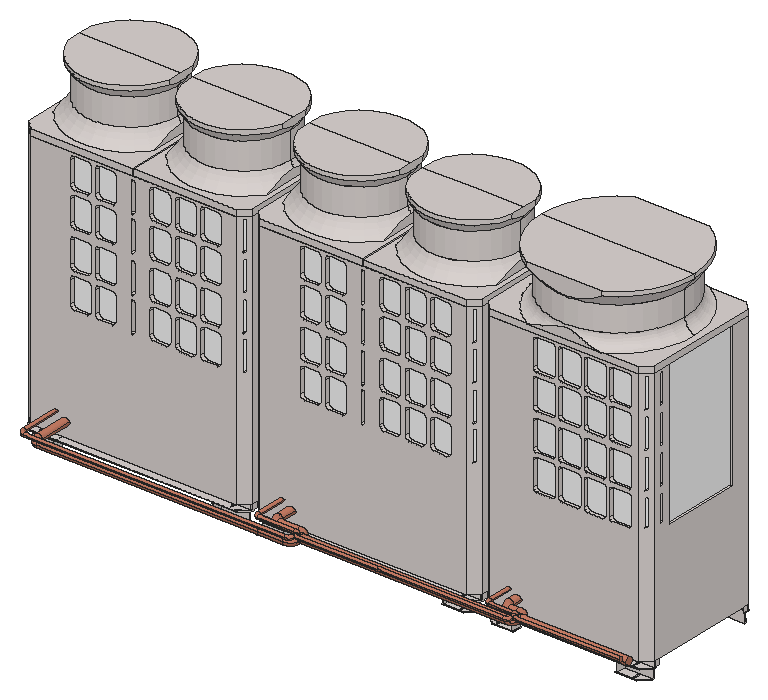
Revit family "PUHY-EP1050YSNW-A1", category 機械設備, Revit 2016 (continued)
Definition of nested family "PUHY-EP250YNW-A1"
  Lines and regions (mm)
    model lines
      curve 73: arc (222.5, -370, 374) -> (229.571, -370, 371.071) -> (232.5, -370, 364) r 10
      curve 74: arc (232.5, -370, 364) -> (229.571, -370, 356.929) -> (222.5, -370, 354) r 10
      curve 75: arc (-222.5, -370, 354) -> (-229.571, -370, 356.929) -> (-232.5, -370, 364) r 10
      curve 76: line (460, -237.5, 1521) -> (460, -237.5, 95)
      curve 77: line (460, -237.5, 705) -> (460, 236.5, 705)
      curve 78: line (460, -237.5, 724.5) -> (460, 236.5, 724.5)
      curve 79: line (460, 236.5, 1521) -> (460, 236.5, 95)
      curve 80: line (327.5, 370, 1521) -> (327.5, 370, 95)
      curve 81: line (308, 370, 1521) -> (308, 370, 706)
      curve 82: line (327.5, 370, 706) -> (-382.5, 370, 706)
      curve 83: line (-382.5, 370, 1521) -> (-382.5, 370, 95)
      curve 84: line (-363, 370, 1521) -> (-363, 370, 706)
      curve 85: line (460, -140.491, 267.745) -> (460, 139.491, 267.745)
      curve 86: line (460, 139.491, 247.745) -> (460, -140.491, 247.745)
      curve 87: arc (460, -140.491, 247.745) -> (460, -150.491, 257.745) -> (460, -140.491, 267.745) r 10
      curve 88: arc (460, 139.491, 267.745) -> (460, 149.491, 257.745) -> (460, 139.491, 247.745) r 10
      curve 89: line (460, -140.491, 372.745) -> (460, 139.491, 372.745)
      curve 90: line (460, 139.491, 352.745) -> (460, -140.491, 352.745)
      curve 91: arc (460, -140.491, 352.745) -> (460, -150.491, 362.745) -> (460, -140.491, 372.745) r 10
      curve 92: arc (460, 139.491, 372.745) -> (460, 149.491, 362.745) -> (460, 139.491, 352.745) r 10
      curve 93: line (460, -140.491, 477.745) -> (460, 139.491, 477.745)
      curve 94: line (460, 139.491, 457.745) -> (460, -140.491, 457.745)
      curve 95: arc (460, -140.491, 457.745) -> (460, -150.491, 467.745) -> (460, -140.491, 477.745) r 10
      curve 96: arc (460, 139.491, 477.745) -> (460, 149.491, 467.745) -> (460, 139.491, 457.745) r 10
      curve 97: line (460, -140.491, 582.745) -> (460, 139.491, 582.745)
      curve 98: line (460, 139.491, 562.745) -> (460, -140.491, 562.745)
      curve 99: arc (460, -140.491, 562.745) -> (460, -150.491, 572.745) -> (460, -140.491, 582.745) r 10
      curve 100: arc (460, 139.491, 582.745) -> (460, 149.491, 572.745) -> (460, 139.491, 562.745) r 10
      curve 101: line (-222.5, 370, 584) -> (222.5, 370, 584)
      curve 102: line (222.5, 370, 564) -> (-222.5, 370, 564)
      curve 103: arc (-222.5, 370, 584) -> (-229.571, 370, 581.071) -> (-232.5, 370, 574) r 10
      curve 104: arc (222.5, 370, 584) -> (229.571, 370, 581.071) -> (232.5, 370, 574) r 10
      curve 105: arc (232.5, 370, 574) -> (229.571, 370, 566.929) -> (222.5, 370, 564) r 10
      curve 106: arc (-222.5, 370, 564) -> (-229.571, 370, 566.929) -> (-232.5, 370, 574) r 10
      curve 107: line (-222.5, 370, 479) -> (222.5, 370, 479)
      curve 108: line (222.5, 370, 459) -> (-222.5, 370, 459)
      curve 109: arc (-222.5, 370, 479) -> (-229.571, 370, 476.071) -> (-232.5, 370, 469) r 10
      curve 110: arc (222.5, 370, 479) -> (229.571, 370, 476.071) -> (232.5, 370, 469) r 10
      curve 111: arc (232.5, 370, 469) -> (229.571, 370, 461.929) -> (222.5, 370, 459) r 10
      curve 112: arc (-222.5, 370, 459) -> (-229.571, 370, 461.929) -> (-232.5, 370, 469) r 10
      curve 113: line (-222.5, 370, 374) -> (222.5, 370, 374)
      curve 114: line (222.5, 370, 354) -> (-222.5, 370, 354)
      curve 115: arc (-222.5, 370, 374) -> (-229.571, 370, 371.071) -> (-232.5, 370, 364) r 10
      curve 116: arc (222.5, 370, 374) -> (229.571, 370, 371.071) -> (232.5, 370, 364) r 10
      curve 117: arc (232.5, 370, 364) -> (229.571, 370, 356.929) -> (222.5, 370, 354) r 10
      curve 118: arc (-222.5, 370, 354) -> (-229.571, 370, 356.929) -> (-232.5, 370, 364) r 10
      curve 119: line (-222.5, 370, 269) -> (222.5, 370, 269)
      curve 120: line (222.5, 370, 249) -> (-222.5, 370, 249)
      curve 121: arc (-222.5, 370, 269) -> (-229.571, 370, 266.071) -> (-232.5, 370, 259) r 10
      curve 122: arc (222.5, 370, 269) -> (229.571, 370, 266.071) -> (232.5, 370, 259) r 10
      curve 123: arc (232.5, 370, 259) -> (229.571, 370, 251.929) -> (222.5, 370, 249) r 10
      curve 124: arc (-222.5, 370, 249) -> (-229.571, 370, 251.929) -> (-232.5, 370, 259) r 10
      curve 125: line (-325, -370, 131) -> (-197, -370, 131)
      curve 126: line (-335, -370, 205) -> (-335, -370, 141)
      curve 127: line (-197, -370, 215) -> (-325, -370, 215)
      curve 128: line (-187, -370, 141) -> (-187, -370, 205)
      curve 129: arc (-335, -370, 205) -> (-332.071, -370, 212.071) -> (-325, -370, 215) r 10
      curve 130: arc (-197, -370, 215) -> (-189.929, -370, 212.071) -> (-187, -370, 205) r 10
      curve 131: arc (-335, -370, 141) -> (-332.071, -370, 133.929) -> (-325, -370, 131) r 10
      curve 132: arc (-197, -370, 131) -> (-189.929, -370, 133.929) -> (-187, -370, 141) r 10
      curve 133: circle (328, -370, 170) r 20 normal (0, -1, 0)
      curve 134: circle (328, -370, 170) r 32.5 normal (0, -1, 0)
      curve 135: circle (253, -370, 185) r 13.5 normal (0, -1, 0)
      curve 136: circle (253, -370, 185) r 26 normal (0, -1, 0)
      curve 137: circle (204, -370, 150) r 17 normal (0, -1, 0)
    model lines, not visible
      curve 17: line (487.5, -370, 703) -> (492.5, -370, 703)
      curve 18: line (477.5, -370, 363) -> (477.5, -370, 693)
      curve 19: line (492.5, -370, 353) -> (487.5, -370, 353)
      curve 20: line (502.5, -370, 693) -> (502.5, -370, 363)
      curve 21: arc (487.5, -370, 703) -> (480.429, -370, 700.071) -> (477.5, -370, 693) r 10
      curve 22: arc (492.5, -370, 703) -> (499.571, -370, 700.071) -> (502.5, -370, 693) r 10
      curve 23: arc (502.5, -370, 363) -> (499.571, -370, 355.929) -> (492.5, -370, 353) r 10
      curve 24: arc (477.5, -370, 363) -> (480.429, -370, 355.929) -> (487.5, -370, 353) r 10
    reference lines
      curve 31: line (-410, 370, 0) -> (-460, 320, 0)
  Dimensions and locks
    nested 1 to level = 1858.000 mm
    nested 1 to nested 1 = 303.000 mm
    nested 5 to nested 5 = 60.000 mm
    nested 1 to nested 2 = 1495.000 mm
    Extrusion 1 to Extrusion 1 = 920.000 mm
    Extrusion 2 sketch curve to Extrusion 2 sketch curve = 174.824 mm
    Extrusion 3 sketch curve to Extrusion 3 sketch curve = 174.824 mm
    equal spacing: group 5, group 4, group 3, group 2
    equal spacing: group 2, group 3, group 4, group 5  (x2)
    Extrusion 4 sketch curve to Extrusion 4 sketch curve = 174.824 mm
    Extrusion 5 sketch curve to Extrusion 5 sketch curve = 174.824 mm
    Extrusion 6 sketch curve to Extrusion 6 sketch curve = 174.824 mm
    Extrusion 7 sketch curve to Extrusion 7 sketch curve = 174.824 mm
    Extrusion 8 sketch curve to Extrusion 8 sketch curve = 174.824 mm
    Extrusion 9 sketch curve to Extrusion 9 sketch curve = 174.824 mm
    Extrusion 10 sketch curve to Extrusion 10 sketch curve = 174.824 mm
    Extrusion 11 sketch curve to Extrusion 11 sketch curve = 174.824 mm
    Extrusion 12 sketch curve to Extrusion 12 sketch curve = 174.824 mm
    Extrusion 13 sketch curve to Extrusion 13 sketch curve = 174.824 mm
    Extrusion 14 sketch curve to Extrusion 14 sketch curve = 174.824 mm
    Extrusion 15 sketch curve to Extrusion 15 sketch curve = 174.824 mm
    Extrusion 16 sketch curve to Extrusion 16 sketch curve = 174.824 mm
    Extrusion 17 sketch curve to Extrusion 17 sketch curve = 174.824 mm
    cut or joined group 1 (Extrusion 1, Extrusion 2, Extrusion 3, Extrusion 4, Extrusion 5, Extrusion 6, Extrusion 7, Extrusion 8, Extrusion 9, Extrusion 10, Extrusion 11, Extrusion 12, Extrusion 13, Extrusion 14, Extrusion 15, Extrusion 16, Extrusion 17, Extrusion 20, Extrusion 21, Extrusion 22, Extrusion 23, Extrusion 24, Extrusion 25, Extrusion 26, Extrusion 27, Extrusion 28, Extrusion 29, Extrusion 30, Extrusion 31, Extrusion 32) to cut or joined group 1 = 820.000 mm
    cut or joined group 1 to cut or joined group 1 = 920.000 mm
    cut or joined group 1 to cut or joined group 1 = 740.000 mm
    nested 5 to cut or joined group 1 = 80.000 mm
    cut or joined group 1 to nested 4 to nested 5 = 80.000 mm, 760.000 mm
    cut or joined group 1 to nested 2 = 29.500 mm
    cut or joined group 1 to nested 3 to nested 2 = 29.500 mm, 681.000 mm
    cut or joined group 1 to cut or joined group 1 = 35.000 mm
    plane 6 "44" to cut or joined group 1 = 3.536 mm
    Extrusion 25 sketch curve to Extrusion 25 sketch curve = 20.000 mm
    cut or joined group 1 to cut or joined group 1 = 50.000 mm
    locked: Extrusion 19 to nested 2 at 116
    curve 137 to nested 2 = 90.000 mm
    curve 135 to nested 2 = 125.000 mm
    curve 133 to nested 2 = 110.000 mm
    cut or joined group 1 to curve 133 = 132.000 mm
    cut or joined group 1 to curve 135 = 207.000 mm
    cut or joined group 1 to curve 137 = 256.000 mm
    cut or joined group 1 to curve 126 to curve 128 = 125.000 mm, 148.000 mm
    curve 127 to curve 125 to nested 2 = 84.000 mm, 71.000 mm
    cut or joined group 1 to Extrusion 19 = 198.000 mm
    cut or joined group 1 to Extrusion 18 = 181.000 mm
    cut or joined group 1 to curve 29 = 166.000 mm
    cut or joined group 1 to curve 27 = 185.000 mm
    cut or joined group 1 to curve 28 = 110.000 mm
    curve 27 to cut or joined group 1 = 152.000 mm
    curve 28 to cut or joined group 1 = 172.000 mm
    curve 29 to cut or joined group 1 = 216.000 mm
    cut or joined group 1 to curve 9 to curve 11 = 79.000 mm, 94.000 mm
    cut or joined group 1 to curve 12 to curve 10 = 128.000 mm, 150.000 mm
    cut or joined group 1 to plane 10 = 160.000 mm
    cut or joined group 1 to plane 11 = 243.000 mm
    nested 4 to nested 4 = 60.000 mm
    cut or joined group 1 to nested 2 = 32.000 mm
    nested 4 to nested 4 = 56.000 mm
    nested 2 to nested 2 to nested 2 = 20.000 mm, 54.000 mm
    nested 3 to nested 2 = 592.000 mm
    nested 3 to nested 3 = 20.000 mm
    aligned and locked: level to plane 2
    aligned and locked: nested 2 to nested 4
    aligned and locked: nested 2 to nested 5
  Nested families
    nested 1: "FAN GUARD" at (0, 0, 861), type "FAN GUARD"
      with WIDTH 920.000 mm
    nested 2: "BASE LEG" at (0, -352, 60), type "BASE LEG"
      with Width 920.000 mm
    nested 3: "BASE LEG" at (0, 352, 60), type "BASE LEG"
      with Width 920.000 mm
    nested 4: "ATTACHMENT LEG" at (-374, -349, 0), type "ATTACHMENT LEG"
    nested 5: "ATTACHMENT LEG" at (374, -349, 0) x (-1, 0, 0) z (0, 0, 1), type "ATTACHMENT LEG"
    nested 6: "ATTACHMENT LEG" at (-374, 349, 0), type "ATTACHMENT LEG"
    nested 7: "ATTACHMENT LEG" at (374, 349, 0) x (-1, 0, 0) z (0, 0, 1), type "ATTACHMENT LEG"
  Connectors
    piping at (-217, -189, 176), diameter 22.2, driven by "Gas pipe_radius"
      settings: on Extrusion 18, index 3, connector inside diameter 22.2 mm, connector length 0.000 mm, flow factor 0, pipe flow 0.0 L/s, pressure drop 0.0 Pa, fitting loss kfactor 0, connector angle 0.00°, fixture units 0, engagement length 0.000 mm, angle of deflection 0.00°, flow configuration 0, flow direction 0, fitting loss method 0, system type 22, joint type 0, gender type 0, connector reference index -1, connector utility 0, adjustable connector no, is connector primary yes, connector description "Refrigerant service valve (gas)"
    piping at (-300, -172, 176), diameter 9.52, driven by "Liquid pipe_radius"
      settings: on Extrusion 19, index 4, connector inside diameter 9.52 mm, connector length 0.000 mm, flow factor 0, pipe flow 0.0 L/s, pressure drop 0.0 Pa, fitting loss kfactor 0, connector angle 0.00°, fixture units 0, engagement length 0.000 mm, angle of deflection 0.00°, flow configuration 0, flow direction 0, fitting loss method 0, system type 22, joint type 0, gender type 0, connector reference index -1, connector utility 0, adjustable connector no, is connector primary no, connector description "Refrigerant service valve (Liquid)"
    electrical at (0, -370, 808)
      settings: on cut or joined group 1, index 5, voltage 415 V, apparent load 0 VA, apparent load phase1 0 VA, apparent load phase2 0 VA, apparent load phase3 0 VA, power factor 1, load classification none, number of poles 3, system type 30, power factor state 1, is connector primary yes, connector utility no, sub classification motor no, connector description ""
  Definition of nested family "FAN GUARD"
    Parameters
      WIDTH [instance] = 920.000 mm
    Reference planes
      plane 1 "中心(正面/背面)": y = 0
      plane 2: z = 0
      plane 3 "中心(左/右)": x = 0
      plane 4 "ファンガード基準面": z = 660
      plane 5: y = 370
      plane 6: y = -370
      plane 7: x = 460
      plane 8: x = -460
      plane 9 "ファンガード基準上面": z = 694
      plane 10 "ファンガード上面": z = 997
    Forms (mm)
      Extrusion 1, solid
        sketch origin (0, 0, 660) x (-1, 0, 0) y (0, -1, 0)
          loop
            line (410, -370) -> (460, -320) -> (460, 320) -> (410, 370) -> (-410, 370) -> (-460, 320) -> (-460, -320) -> (-410, -370) -> (410, -370)
        from 0 to 34
      Revolve 2, solid
        sketch origin (0, 0, 0) x (1, 0, 0) y (0, 0, 1)
          loop
            line (0, 694) -> (0, 997) -> (-423, 997) -> (-423, 973) -> (-368.829, 903.664) -> (-368.829, 764.141)
            arc (-368.829, 764.141) -> (-384.109, 719.678) -> (-423.494, 694) r 72.332
            line (-423.494, 694) -> (0, 694)
          axis (0, 997) -> (0, 694)
        angle from 0 to 360
      Extrusion 3, void
        sketch origin (0, 0, 694) x (-1, 0, 0) y (0, -1, 0)
          loop
            line (345, -370) -> (-345, -370) -> (-345, -545) -> (345, -545) -> (345, -370)
          loop
            line (345, 370) -> (345, 539.592) -> (-345, 539.592) -> (-345, 370) -> (345, 370)
        from 0 to 400
    Cuts and joins
      Extrusion 3 cuts Revolve 2
    Lines and regions (mm)
      model lines
        curve 1: line (-423, 0, 997) -> (-80, 0, 997)
        curve 2: line (80, 0, 997) -> (423, 0, 997)
        curve 3: circle (0, 0, 997) r 80 normal (0, 0, 1)
        curve 4: line (-415.366, -80, 997) -> (415.366, -80, 997)
        curve 5: line (-391.572, -160, 997) -> (391.572, -160, 997)
        curve 6: line (-348.323, -240, 997) -> (348.323, -240, 997)
        curve 7: line (-276.639, -320, 997) -> (276.639, -320, 997)
        curve 8: line (-415.366, 80, 997) -> (415.366, 80, 997)
        curve 9: line (-391.572, 160, 997) -> (391.572, 160, 997)
        curve 10: line (-348.323, 240, 997) -> (348.323, 240, 997)
        curve 11: line (-276.639, 320, 997) -> (276.639, 320, 997)
        curve 12: line (0, 370, 997) -> (0, -370, 997)
        curve 13: line (-20, 370, 997) -> (-20, -370, 997)
        curve 14: line (-40, 370, 997) -> (-40, -370, 997)
        curve 15: line (-60, 370, 997) -> (-60, -370, 997)
        curve 16: line (-80, 370, 997) -> (-80, -370, 997)
        curve 17: line (20, 370, 997) -> (20, -370, 997)
        curve 18: line (40, 370, 997) -> (40, -370, 997)
        curve 19: line (60, 370, 997) -> (60, -370, 997)
        curve 20: line (80, 370, 997) -> (80, -370, 997)
        curve 21: line (100, 370, 997) -> (100, -370, 997)
        curve 22: line (120, 370, 997) -> (120, -370, 997)
        curve 23: line (140, 370, 997) -> (140, -370, 997)
        curve 24: line (160, 370, 997) -> (160, -370, 997)
        curve 25: line (180, 370, 997) -> (180, -370, 997)
        curve 26: line (200, 370, 997) -> (200, -370, 997)
        curve 27: line (220, 361.288, 997) -> (220, -361.288, 997)
        curve 28: line (240, 348.323, 997) -> (240, -348.323, 997)
        curve 29: line (260, 333.66, 997) -> (260, -333.66, 997)
        curve 30: line (280, 317.063, 997) -> (280, -317.063, 997)
        curve 31: line (300, 298.21, 997) -> (300, -298.21, 997)
        curve 32: line (320, 276.639, 997) -> (320, -276.639, 997)
        curve 33: line (340, 251.653, 997) -> (340, -251.653, 997)
        curve 34: line (360, 222.101, 997) -> (360, -222.101, 997)
        curve 35: line (380, 185.82, 997) -> (380, -185.82, 997)
        curve 36: line (400, 137.583, 997) -> (400, -137.583, 997)
        curve 37: line (420, 50.289, 997) -> (420, -50.289, 997)
        curve 38: line (-100, 370, 997) -> (-100, -370, 997)
        curve 39: line (-120, 370, 997) -> (-120, -370, 997)
        curve 40: line (-140, 370, 997) -> (-140, -370, 997)
        curve 41: line (-160, 370, 997) -> (-160, -370, 997)
        curve 42: line (-180, 370, 997) -> (-180, -370, 997)
        curve 43: line (-200, 370, 997) -> (-200, -370, 997)
        curve 44: line (-220, 361.288, 997) -> (-220, -361.288, 997)
        curve 45: line (-240, 348.323, 997) -> (-240, -348.323, 997)
        curve 46: line (-260, 333.66, 997) -> (-260, -333.66, 997)
        curve 47: line (-280, 317.063, 997) -> (-280, -317.063, 997)
        curve 48: line (-300, 298.21, 997) -> (-300, -298.21, 997)
        curve 49: line (-320, 276.639, 997) -> (-320, -276.639, 997)
        curve 50: line (-340, 251.653, 997) -> (-340, -251.653, 997)
        curve 51: line (-360, 222.101, 997) -> (-360, -222.101, 997)
        curve 52: line (-380, 185.82, 997) -> (-380, -185.82, 997)
        curve 53: line (-400, 137.583, 997) -> (-400, -137.583, 997)
        curve 54: line (-420, 50.289, 997) -> (-420, -50.289, 997)
        curve 55: line (10, 79.373, 997) -> (10, -79.373, 997)
        curve 56: line (-10, 79.373, 997) -> (-10, -79.373, 997)
        curve 57: line (30, 74.162, 997) -> (30, -74.162, 997)
        curve 58: line (50, 62.45, 997) -> (50, -62.45, 997)
        curve 59: line (70, 38.73, 997) -> (70, -38.73, 997)
        curve 60: line (-30, 74.162, 997) -> (-30, -74.162, 997)
        curve 61: line (-50, 62.45, 997) -> (-50, -62.45, 997)
        curve 62: line (-70, 38.73, 997) -> (-70, -38.73, 997)
    Dimensions and locks
      "WIDTH": plane 8 to plane 7
      locked: plane 6 to plane 5 at 740
      equal spacing: plane 8, plane 3 "中心(左/右)", plane 7
      equal spacing: plane 6, plane 1 "中心(正面/背面)", plane 5
      plane 3 "中心(左/右)" to Revolve 2 sketch curve = 423.000 mm
      locked: plane 10 "ファンガード上面" to plane 9 "ファンガード基準上面" at 303
      aligned and locked: level to plane 2
      aligned and locked: plane 5 to Extrusion 1 sketch curve
      aligned and locked: Extrusion 1 sketch curve to plane 6
      aligned and locked: plane 8 to Extrusion 1 sketch curve
      aligned and locked: plane 7 to Extrusion 1 sketch curve
      aligned and locked: plane 9 "ファンガード基準上面" to Extrusion 1
      aligned and locked: plane 4 "ファンガード基準面" to Extrusion 1
      aligned and locked: plane 9 "ファンガード基準上面" to Revolve 2 sketch curve
      aligned and locked: Revolve 2 sketch curve to plane 3 "中心(左/右)"
      aligned and locked: Extrusion 1 to Extrusion 3 sketch curve
      aligned and locked: Extrusion 3 sketch curve to Extrusion 1
      aligned and locked: cut or joined group of Revolve 2, Extrusion 3 to plane 10 "ファンガード上面"
    Automatic sketch dimensions
      Extrusion 1 sketch curve to plane 7 = 50.000 mm  (x2)
      plane 8 to Extrusion 1 sketch curve = 50.000 mm  (x2)
      plane 5 to Extrusion 1 sketch curve = 50.000 mm  (x2)
      Extrusion 1 sketch curve to plane 6 = 50.000 mm  (x2)
      plane 3 "中心(左/右)" to Extrusion 3 sketch curve = 345.000 mm  (x2)
      Extrusion 3 sketch curve to plane 3 "中心(左/右)" = 345.000 mm  (x2)
      Extrusion 3 sketch curve to Extrusion 3 sketch curve = 175.000 mm
      Extrusion 3 sketch curve to Extrusion 3 sketch curve = 169.592 mm
      plane 1 "中心(正面/背面)" to curve 2 = 0.000 mm
      plane 1 "中心(正面/背面)" to curve 3 = 0.000 mm
      curve 3 to plane 3 "中心(左/右)" = 0.000 mm
      curve 12 to plane 3 "中心(左/右)" = 0.000 mm
      plane 1 "中心(正面/背面)" to curve 1 = 0.000 mm
      plane 3 "中心(左/右)" to curve 55 = 10.000 mm
      curve 17 to curve 12 = 20.000 mm
      curve 57 to curve 55 = 20.000 mm
      curve 18 to curve 17 = 20.000 mm
      curve 58 to curve 57 = 20.000 mm
      curve 19 to curve 18 = 20.000 mm
      curve 59 to curve 58 = 20.000 mm
      curve 20 to curve 19 = 20.000 mm
      curve 2 to curve 59 = 10.000 mm
      curve 21 to curve 20 = 20.000 mm
      curve 22 to curve 21 = 20.000 mm
      curve 23 to curve 22 = 20.000 mm
      curve 24 to curve 23 = 20.000 mm
      curve 25 to curve 24 = 20.000 mm
      curve 26 to curve 25 = 20.000 mm
      curve 27 to curve 26 = 20.000 mm
      curve 28 to curve 27 = 20.000 mm
      curve 29 to curve 28 = 20.000 mm
      curve 11 to curve 29 = 16.639 mm
      curve 7 to curve 29 = 16.639 mm
      curve 30 to curve 7 = 3.361 mm
      curve 31 to curve 30 = 20.000 mm
      curve 32 to curve 31 = 20.000 mm
      curve 33 to curve 32 = 20.000 mm
      curve 6 to curve 33 = 8.323 mm
      curve 10 to curve 33 = 8.323 mm
      curve 34 to curve 10 = 11.677 mm
      curve 35 to curve 34 = 20.000 mm
      curve 9 to curve 35 = 11.572 mm
      curve 5 to curve 35 = 11.572 mm
      curve 36 to curve 9 = 8.428 mm
      curve 8 to curve 36 = 15.366 mm
      curve 4 to curve 36 = 15.366 mm
      curve 37 to curve 8 = 4.634 mm
      curve 2 to curve 37 = 3.000 mm
      curve 56 to plane 3 "中心(左/右)" = 10.000 mm
      curve 13 to plane 3 "中心(左/右)" = 20.000 mm
      curve 56 to curve 60 = 20.000 mm
      curve 13 to curve 14 = 20.000 mm
      curve 60 to curve 61 = 20.000 mm
      curve 14 to curve 15 = 20.000 mm
      curve 61 to curve 62 = 20.000 mm
      curve 15 to curve 16 = 20.000 mm
      curve 16 to curve 38 = 20.000 mm
      curve 38 to curve 39 = 20.000 mm
      curve 39 to curve 40 = 20.000 mm
      curve 40 to curve 41 = 20.000 mm
      curve 41 to curve 42 = 20.000 mm
      curve 42 to curve 43 = 20.000 mm
      curve 43 to curve 44 = 20.000 mm
      curve 44 to curve 45 = 20.000 mm
      curve 45 to curve 46 = 20.000 mm
      curve 46 to curve 7 = 16.639 mm
      curve 46 to curve 11 = 16.639 mm
      curve 7 to curve 47 = 3.361 mm
      curve 47 to curve 48 = 20.000 mm
      curve 48 to curve 49 = 20.000 mm
      curve 49 to curve 50 = 20.000 mm
      curve 50 to curve 6 = 8.323 mm
      curve 50 to curve 10 = 8.323 mm
      curve 10 to curve 51 = 11.677 mm
      curve 51 to curve 52 = 20.000 mm
      curve 52 to curve 9 = 11.572 mm
      curve 52 to curve 5 = 11.572 mm
      curve 5 to curve 53 = 8.428 mm
      curve 53 to curve 4 = 15.366 mm
      curve 53 to curve 8 = 15.366 mm
      curve 4 to curve 54 = 4.634 mm
      curve 54 to curve 1 = 3.000 mm
      curve 8 to plane 1 "中心(正面/背面)" = 80.000 mm
      curve 36 to curve 8 = 57.583 mm
      curve 53 to curve 8 = 57.583 mm
      curve 9 to curve 36 = 22.417 mm
      curve 52 to curve 9 = 25.820 mm
      curve 35 to curve 9 = 25.820 mm
      curve 51 to curve 52 = 36.282 mm
      curve 34 to curve 35 = 36.282 mm
      curve 10 to curve 51 = 17.899 mm
      curve 33 to curve 10 = 11.653 mm
      curve 50 to curve 10 = 11.653 mm
      curve 49 to curve 50 = 24.986 mm
      curve 32 to curve 33 = 24.986 mm
      curve 48 to curve 49 = 21.571 mm
      curve 31 to curve 32 = 21.571 mm
      curve 47 to curve 48 = 18.853 mm
      curve 30 to curve 31 = 18.853 mm
      curve 11 to curve 30 = 2.937 mm
      curve 29 to curve 11 = 13.660 mm
      curve 46 to curve 11 = 13.660 mm
      curve 28 to curve 29 = 14.663 mm
      curve 45 to curve 46 = 14.663 mm
      curve 44 to curve 45 = 12.965 mm
      curve 27 to curve 28 = 12.965 mm
      curve 12 to curve 27 = 8.712 mm
      curve 12 to curve 21 = 0.000 mm
      curve 13 to curve 12 = 0.000 mm
      curve 14 to curve 13 = 0.000 mm  (x2)
      curve 12 to curve 18 = 0.000 mm
      curve 21 to curve 23 = 0.000 mm
      curve 43 to curve 44 = 8.712 mm
      curve 23 to curve 24 = 0.000 mm  (x2)
      curve 43 to curve 42 = 0.000 mm  (x2)
      curve 24 to curve 25 = 0.000 mm  (x2)
      curve 42 to curve 41 = 0.000 mm  (x2)
      curve 25 to curve 26 = 0.000 mm  (x2)
      curve 41 to curve 40 = 0.000 mm  (x2)
      curve 20 to curve 21 = 0.000 mm  (x2)
      curve 40 to curve 39 = 0.000 mm  (x2)
      curve 15 to curve 14 = 0.000 mm
      curve 39 to curve 38 = 0.000 mm
      curve 38 to curve 16 = 0.000 mm  (x2)
      curve 18 to curve 19 = 0.000 mm  (x2)
      curve 12 to curve 17 = 0.000 mm  (x2)
      curve 21 to curve 22 = 0.000 mm  (x2)
      curve 8 to curve 37 = 29.711 mm
      curve 8 to curve 54 = 29.711 mm
      plane 1 "中心(正面/背面)" to curve 37 = 50.289 mm
      plane 1 "中心(正面/背面)" to curve 54 = 50.289 mm
      curve 37 to curve 4 = 29.711 mm
      curve 4 to curve 36 = 57.583 mm
      curve 4 to curve 53 = 57.583 mm
      curve 36 to curve 5 = 22.417 mm
      curve 5 to curve 52 = 25.820 mm
      curve 5 to curve 35 = 25.820 mm
      curve 35 to curve 34 = 36.282 mm
      curve 52 to curve 51 = 36.282 mm
      curve 51 to curve 6 = 17.899 mm
      curve 6 to curve 50 = 11.653 mm
      curve 6 to curve 33 = 11.653 mm
      curve 50 to curve 49 = 24.986 mm
      curve 33 to curve 32 = 24.986 mm
      curve 49 to curve 48 = 21.571 mm
      curve 32 to curve 31 = 21.571 mm
      curve 48 to curve 47 = 18.853 mm
      curve 31 to curve 30 = 18.853 mm
      curve 30 to curve 7 = 2.937 mm
      curve 7 to curve 46 = 13.660 mm
      curve 7 to curve 29 = 13.660 mm
      curve 29 to curve 28 = 14.663 mm
      curve 46 to curve 45 = 14.663 mm
      curve 45 to curve 44 = 12.965 mm
      curve 28 to curve 27 = 12.965 mm
      curve 44 to curve 13 = 8.712 mm
      curve 27 to curve 23 = 8.712 mm
      curve 15 to curve 13 = 0.000 mm
      curve 44 to curve 42 = 8.712 mm
      curve 16 to curve 15 = 0.000 mm
      curve 22 to curve 23 = 0.000 mm
      curve 13 to curve 17 = 0.000 mm
      curve 17 to curve 19 = 0.000 mm
      Revolve 2 sketch curve to plane 3 "中心(左/右)" = 0.000 mm
      Revolve 2 sketch curve to plane 10 "ファンガード上面" = 0.000 mm
      plane 9 "ファンガード基準上面" to Revolve 2 sketch curve = 70.141 mm
      Revolve 2 sketch curve to Revolve 2 sketch curve = 18.161 mm
      Revolve 2 sketch curve to level = 1700.815 mm
      Revolve 2 sketch curve to plane 10 "ファンガード上面" = 93.336 mm
      Revolve 2 sketch curve to plane 10 "ファンガード上面" = 24.000 mm
      Revolve 2 sketch curve to Revolve 2 sketch curve = 790.769 mm
      Revolve 2 sketch curve to Revolve 2 sketch curve = 17.668 mm
  Definition of nested family "BASE LEG"
    Parameters
      Width [instance] = 920.000 mm
    Reference planes
      plane 1 "中心(正面/背面)": y = 0
      plane 2: z = 0
      plane 3 "中心(左/右)": x = 0
      plane 4: x = 460
      plane 5: x = -460
      plane 6: x = -380
      plane 7: x = 380
      plane 8: y = -18
      plane 9: y = 39
      plane 10: z = 53
      plane 11: y = 42
      plane 12: y = 27
      plane 13: x = 415
      plane 14: x = -415
      plane 15: z = 8
      plane 16: y = 11.5
      plane 17: z = 35
    Forms (mm)
      Extrusion 1, solid
        sketch origin (0, 0, 0) x (0, 1, 0) y (0, 0, 1)
          loop
            line (-18, 0) -> (36, 0) -> (36, 32) -> (56, 32) -> (56, 35) -> (33, 35) -> (33, 3) -> (-18, 3) -> (-18, 0)
        from -460 to 460
      Extrusion 2, void
        sketch origin (0, 0, 0) x (1, 0, 0) y (0, 1, 0)
          loop
            line (415, -18) -> (460, -18) -> (460, 27) -> (415, -18)
          loop
            line (-415, -18) -> (-460, 27) -> (-460, -18) -> (-415, -18)
        from 0 to 250
      Extrusion 3, void
        sketch origin (0, 12.023, 0) x (1, 0, 0) y (0, 1, 0)
          loop
            arc (373, -2.971) -> (380, -9.971) -> (387, -2.971) r 7
            line (387, -2.971) -> (387, 3.023)
            arc (387, 3.023) -> (380, 10.023) -> (373, 3.023) r 7
            line (373, 3.023) -> (373, -2.971)
          loop
            line (-373, -2.971) -> (-373, 3.023)
            arc (-373, 3.023) -> (-380, 10.023) -> (-387, 3.023) r 7
            line (-387, 3.023) -> (-387, -2.971)
            arc (-387, -2.971) -> (-380, -9.971) -> (-373, -2.971) r 7
        from 0 to 250
      Extrusion 4, solid
        sketch origin (0, 0, -3) x (1, 0, 0) y (0, 0, 1)
          loop
            line (457, 8) -> (460, 8) -> (460, 35) -> (457, 35) -> (457, 8)
          loop
            line (-457, 8) -> (-457, 35) -> (-460, 35) -> (-460, 8) -> (-457, 8)
        from -36 to -56
      Extrusion 5, solid
        sketch origin (150, 352, 0) x (1, 0, 0) y (0, 1, 0)
          loop
            line (310, -319) -> (305, -319) -> (305, -320) -> (255, -370) -> (260, -370) -> (310, -320) -> (310, -319)
        from 3 to 35
      Extrusion 6, void
        sketch origin (410, -18, 0) x (0.707107, 0.707107, 0) y (0, 0, 1)
          loop
            line (70.711, 3) -> (-6.741, 39.767) -> (-6.741, 3) -> (70.711, 3)
        from -190.256 to 23.776
      Extrusion 7, solid
        sketch origin (-150, 352, 0) x (-1, 0, 0) y (0, -1, 0)
          loop
            line (310, 319) -> (310, 320) -> (260, 370) -> (255, 370) -> (305, 320) -> (305, 319) -> (310, 319)
        from 3 to 35
      Extrusion 8, void
        sketch origin (-410, -18, 0) x (0.707107, -0.707107, 0) y (0, 0, -1)
          loop
            line (-70.711, -3) -> (0, -35) -> (6.741, -35) -> (6.741, -3) -> (-70.711, -3)
        from -190.256 to 23.776
    Cuts and joins
      Extrusion 2, Extrusion 3 cuts Extrusion 1
      joined: Extrusion 1, Extrusion 4
      Extrusion 8 cuts Extrusion 7
      Extrusion 6 cuts Extrusion 5
    Dimensions and locks
      "Width": plane 5 to plane 4
      equal spacing: plane 5, plane 3 "中心(左/右)", plane 4
      locked: plane 5 to plane 6 at 80
      locked: plane 7 to plane 4 at 80
      locked: plane 8 to plane 9 at 57
      locked: plane 10 to level at 53
      locked: plane 9 to plane 11 at 3
      plane 8 to plane 12 = 45.000 mm
      locked: plane 13 to plane 4 at 45
      locked: plane 5 to plane 14 at 45
      equal spacing: Extrusion 3 sketch curve, plane 7, Extrusion 3 sketch curve
      equal spacing: Extrusion 3 sketch curve, plane 6, Extrusion 3 sketch curve
      locked: plane 10 to plane 15 at 45
      locked: cut or joined group of Extrusion 1, Extrusion 2, Extrusion 3, Extrusion 4 to Extrusion 4 sketch curve at 3  (x2)
      locked: plane 8 to plane 16 at 29.5
      plane 8 to plane 11 = 60.000 mm
      cut or joined group of Extrusion 1, Extrusion 2, Extrusion 3, Extrusion 4 to cut or joined group of Extrusion 1, Extrusion 2, Extrusion 3, Extrusion 4 = 35.000 mm
      aligned and locked: level to plane 2
      aligned and locked: plane 8 to Extrusion 1 sketch curve
      aligned and locked: plane 4 to Extrusion 1
      aligned and locked: Extrusion 1 to plane 5
      aligned and locked: Extrusion 2 sketch curve to plane 4
      aligned and locked: Extrusion 2 sketch curve to plane 8
      aligned and locked: plane 12 to Extrusion 2 sketch curve
      aligned and locked: plane 13 to Extrusion 2 sketch curve
      aligned and locked: plane 4 to Extrusion 4 sketch curve
      aligned and locked: plane 5 to Extrusion 4 sketch curve
      aligned and locked: cut or joined group of Extrusion 7, Extrusion 8 to cut or joined group of Extrusion 1, Extrusion 2, Extrusion 3, Extrusion 4
    Automatic sketch dimensions
      Extrusion 3 sketch curve to plane 1 "中心(正面/背面)" = 9.052 mm  (x2)
      Extrusion 3 sketch curve to plane 7 = 7.000 mm
      Extrusion 3 sketch curve to plane 1 "中心(正面/背面)" = 15.046 mm  (x2)
      Extrusion 3 sketch curve to plane 6 = 7.000 mm
      Extrusion 2 sketch curve to plane 5 = 0.000 mm
      plane 8 to Extrusion 2 sketch curve = 0.000 mm
      Extrusion 2 sketch curve to plane 14 = 0.000 mm
      plane 12 to Extrusion 2 sketch curve = 0.000 mm
      Extrusion 4 sketch curve to plane 10 = 21.000 mm
      plane 7 to Extrusion 5 sketch curve = 25.000 mm
      Extrusion 5 sketch curve to Extrusion 5 sketch curve = 5.000 mm  (x2)
      plane 7 to Extrusion 5 sketch curve = 75.000 mm
      plane 8 to Extrusion 5 sketch curve = 0.000 mm
      Extrusion 5 sketch curve to Extrusion 5 sketch curve = 50.000 mm
      Extrusion 5 sketch curve to Extrusion 5 sketch curve = 0.000 mm
      Extrusion 5 sketch curve to Extrusion 5 sketch curve = 1.000 mm
      Extrusion 6 sketch curve to Extrusion 5 = 0.000 mm  (x2)
      Extrusion 6 sketch curve to Extrusion 5 = 6.741 mm
      Extrusion 6 sketch curve to Extrusion 5 = 4.767 mm
      plane 6 to Extrusion 7 sketch curve = 25.000 mm
      Extrusion 7 sketch curve to Extrusion 7 sketch curve = 5.000 mm  (x2)
      Extrusion 7 sketch curve to Extrusion 7 sketch curve = 45.000 mm
      Extrusion 7 sketch curve to plane 8 = 0.000 mm
      Extrusion 7 sketch curve to Extrusion 7 sketch curve = 50.000 mm
      Extrusion 7 sketch curve to Extrusion 7 sketch curve = 0.000 mm
      Extrusion 7 sketch curve to Extrusion 7 sketch curve = 1.000 mm
      Extrusion 8 sketch curve to Extrusion 7 = 0.000 mm  (x2)
      Extrusion 7 to Extrusion 8 sketch curve = 0.000 mm  (x2)
      Extrusion 7 to Extrusion 8 sketch curve = 6.741 mm
      Extrusion 4 sketch curve to plane 17 = 3.000 mm
      Extrusion 4 sketch curve to plane 15 = 3.000 mm  (x2)
      Extrusion 1 sketch curve to plane 17 = 0.000 mm
      Extrusion 1 sketch curve to level = 0.000 mm
      level to Extrusion 1 sketch curve = 3.000 mm
      plane 9 to Extrusion 1 sketch curve = 6.000 mm
      plane 9 to Extrusion 1 sketch curve = 3.000 mm
      Extrusion 1 sketch curve to plane 17 = 3.000 mm
      Extrusion 1 sketch curve to plane 11 = 14.000 mm
  Definition of nested family "ATTACHMENT LEG"
    Parameters
      Width = 145.000 mm
    Reference planes
      plane 1: z = 0
      plane 2 "中心(左/右)": x = -6
      plane 3: x = -52
      plane 4: x = 85
      plane 5: x = 93
      plane 6: y = -21
      plane 7: y = 27
      plane 8: x = -30
      plane 9: y = 39
      plane 10: z = 60
      plane 11: z = 57
      plane 12: z = 3
      plane 13: x = 82
      plane 14: y = 36
      plane 15: x = -75
      plane 16: y = 31
      plane 17 "幅": x = 93
      plane 18: y = 2.5
      plane 19: y = 21
      plane 20: y = -10
    Forms (mm)
      Extrusion 1, solid
        sketch origin (0, -1, 0) x (1, 0, 0) y (0, 1, 0)
          loop
            line (-75, 36) -> (-75, 27) -> (-28, -20) -> (93, -20) -> (93, 32) -> (85, 32) -> (85, 36) -> (-75, 36)
        from 0 to 60
      Extrusion 2, void
        sketch origin (0, -3, 0) x (1, 0, 0) y (0, 0, 1)
          loop
            line (-75, 57) -> (-75, 3) -> (82, 3) -> (82, 57) -> (-75, 57)
          loop
            line (93, 57) -> (85, 57) -> (85, 3) -> (93, 3) -> (93, 57)
        from -35 to 18
      Extrusion 3, void
        sketch origin (-6, 5.5, 0) x (1, 0, 0) y (0, 1, 0)
          loop
            arc (-7, -8.5) -> (0, -15.5) -> (7, -8.5) r 7
            line (7, -8.5) -> (7, 8.5)
            arc (7, 8.5) -> (0, 15.5) -> (-7, 8.5) r 7
            line (-7, 8.5) -> (-7, -8.5)
        from 0 to 60
    Cuts and joins
      Extrusion 2, Extrusion 3 cuts Extrusion 1
    Dimensions and locks
      locked: plane 3 to plane 4 at 137
      locked: plane 3 to plane 5 at 145
      plane 6 to plane 7 = 48.000 mm
      locked: plane 10 to level at 60
      Extrusion 3 sketch curve to plane 2 "中心(左/右)" = 7.000 mm
      locked: plane 15 to plane 2 "中心(左/右)" at 69
      locked: plane 15 to plane 8 at 45
      locked: plane 6 to plane 18 at 23.5
      cut or joined group of Extrusion 1, Extrusion 2, Extrusion 3 to cut or joined group of Extrusion 1, Extrusion 2, Extrusion 3 = 168.000 mm
      cut or joined group of Extrusion 1, Extrusion 2, Extrusion 3 to cut or joined group of Extrusion 1, Extrusion 2, Extrusion 3 = 56.000 mm  (x2)
      plane 14 to plane 6 = 57.000 mm
      aligned and locked: level to plane 1
      aligned and locked: Extrusion 1 sketch curve to plane 4
      aligned and locked: Extrusion 1 sketch curve to plane 5
      aligned: plane 8 to Extrusion 1 sketch curve
      aligned and locked: plane 10 to Extrusion 1
      aligned and locked: Extrusion 2 sketch curve to plane 11
      aligned: plane 3 to Extrusion 2 sketch curve
      aligned and locked: plane 12 to Extrusion 2 sketch curve
      aligned and locked: Extrusion 2 sketch curve to plane 13
      aligned and locked: plane 6 to Extrusion 2
      aligned and locked: plane 11 to Extrusion 2 sketch curve
      aligned and locked: plane 5 to Extrusion 2 sketch curve
      aligned and locked: Extrusion 2 sketch curve to plane 12
      aligned and locked: Extrusion 2 sketch curve to plane 4
      aligned and locked: plane 15 to Extrusion 1 sketch curve
      aligned and locked: Extrusion 2 sketch curve to cut or joined group of Extrusion 1, Extrusion 2, Extrusion 3
      aligned and locked: Extrusion 1 to plane 16
Types (6, lengths in mm): name | Voltage | Hertz | Heating Rated Load Ampacity (A) | Heating Current Input (Nominal) (A) | Heating Current Input (A) | Cooling Rated Load Ampacity (A) | Cooling Current Input (A)
  PUHY-EP1050YSNW-A1_380V_50Hz | 380 V | 50 Hz | 53.8 | 45.1 | 53.8 | 54.4 | 54.4
  PUHY-EP1050YSNW-A1_380V_60Hz | 380 V | 60 Hz | 53.8 | 45.1 | 53.8 | 54.4 | 54.4
  PUHY-EP1050YSNW-A1_400V_50Hz | 400 V | 50 Hz | 51.1 | 42.9 | 51.1 | 51.7 | 51.7
  PUHY-EP1050YSNW-A1_400V_60Hz | 400 V | 60 Hz | 51.1 | 42.9 | 51.1 | 51.7 | 51.7
  PUHY-EP1050YSNW-A1_415V_50Hz | 415 V | 50 Hz | 49.2 | 41.3 | 49.2 | 49.8 | 49.8
  PUHY-EP1050YSNW-A1_415V_60Hz | 415 V | 60 Hz | 49.2 | 41.3 | 49.2 | 49.8 | 49.8
